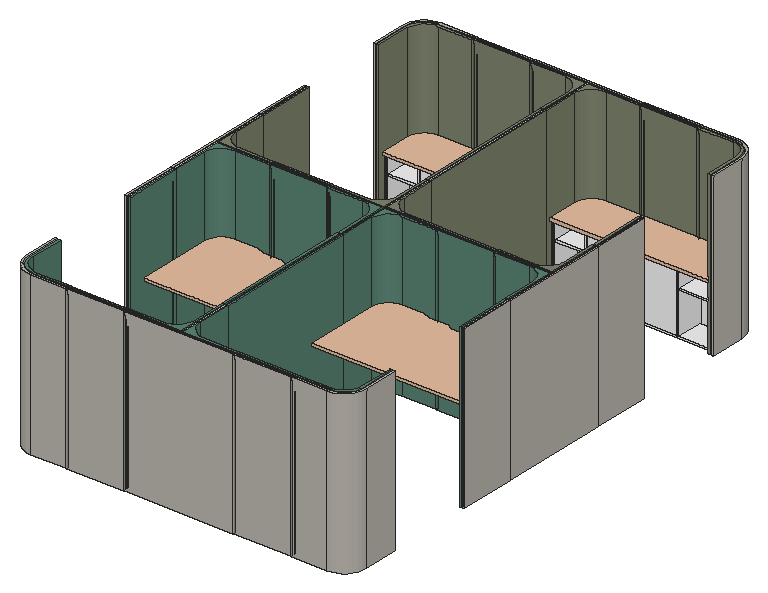
Revit family "NBS_Senator_MeetingPods_QuadAbode", category Furniture, Revit 2018
Family settings
  Work Plane-Based = No
  Always vertical = Yes
  Cut with Voids When Loaded = No
  Shared = No
  Room Calculation Point = No
Parameters (values of type "PDQA14")
  WarrantyStartDate [instance] = "1900-12-31T23:59:59"
  WarrantyGuarantorParts = "contactus@thesenatorgroup.com"
  WarrantyGuarantorLabor = "n/a"
  WarrantyDurationUnit = "year"
  WarrantyDurationParts = "10"
  WarrantyDurationLabor = "n/a"
  WarrantyDescription = "Senator warrants that its manufactured products are free from manufacturing defects - in materials or workmanship - for a period of ten (10) years on Senator Seating ranges; and fifteen (15) years on Senator Desking ranges - exceptions are listed below. Senator will repair or replace (at Senator’s sole discretion) with comparable free of charge materials / components, any product / component, which fails under normal use in a single shift environment, as a result of a defect in the materials and / or workmanship"
  Version = "1"  # constant formula
  Uniclass2015Version = "Products v1.16"
  Uniclass2015Title = "Meeting Pods"
  Uniclass2015Code = "Pr_40_50_12_53"
  TagNumber [instance] = "n/a"
  SustainabilityPerformance = "99% recyclable"
  Style = "Pods"
  StorageUnitMaterial = NBS_Senator_Wood_White
  StorageTableTopMaterial = NBS_Senator_Wood_HighlandOak_2
  Status = "UNSET"
  Size = "4450 x 2950 x 1400 mm"
  ShowStorageUnit [instance] = yes
  Shape = "n/a"
  SerialNumber [instance] = "n/a"
  SeatWidth = "n/a"
  SeatDepth = "n/a"
  Revision = "n/a"
  ReplacementCost = "n/a"
  Reference = "n/a"
  QuadAbodeWidth = 2950 mm  # constant formula
  QuadAbodeHeight = 1400 mm
  QuadAbodeDepth = 4450 mm  # constant formula
  ProductInformation = "n/a"
  NominalWidth = 1400 mm
  NominalLength = 2950 mm
  NominalHeight = 1400 mm
  NominalDepth = 4450 mm
  Name = "MeetingPods_QuadAbode_PDQA14_Senator"
  NBSReference = "45-35-20/342"
  NBSDescription = "Meeting pods"
  NBSCertification = "www.nationalbimlibrary.com/cert/iv3fvtjp"
  ModelReference = "Pods-QuadAbode_PDQA14"
  ModelNumber = "PDQA14"
  Material = "Fabric, metal, plastic"
  ManufacturerURL = "www.senator.co.uk"
  ManufacturerName = "The Senator Group"  # constant formula
  Manufacturer = "sales@senator.co.uk"
  MainColor = "n/a"
  IsBuiltIn = no
  InstallationDate [instance] = "1900-12-31T23:59:59"
  InnerPanelMaterial2 = NBS_Senator_VirginWool_Montcrest
  InnerPanelMaterial1 = NBS_Senator_VirginWool_Lancaster
  OuterPanelMaterial = NBS_Senator_VirginWool_Fairfield
  KeyHoleMaterial = NBS_Senator_Polished_Aluminium
  IfcExportType = "USERDEFINED"  # constant formula
  IfcExportAs = "IfcFurnitureType"  # constant formula
  Grade = "n/a"
  FramesColour = "Black, white"
  FrameMaterial = NBS_Senator_Aluminium_Rigid_Siver
  TableTopMaterial = NBS_Senator_Wood_HighlandOak_2
  FinishOptions = "Carini walnut, mocha, autumn, strata oak, maple, highland oak, beech, winter oak, hacienda white, white, light grey, denim, clay, lemon sorbet"
  Finish = "Outer vertical panels upholstered in camira, blazer fabric Two tone is standard"
  Features = "Internal frame with multi-layered acoustic foam, levelling adjusters, blazer fabric, outer vertical panels"
  FabricFinishOptions = "Plymouth, fairfield, latymer, lancaster, silcoates, silverdale, st andrews, trevelyan, ulster, wellington, wesley, manchester,"
  ExpectedLife = "10"
  DurationUnit = "year"
  Description = "Four single person workspaces adjoined by shared panels, comprising twentyone mid height upholstered panels"
  Constituents = "n/a"
  Color = "n/a"
  CodePerformance = "n/a"
  Category = "Pr_40_50_12_53:Meeting pods"
  BarCode [instance] = "n/a"
  BIMObjectName = "NBS_Senator_MeetingPods_QuadAbode_PDQA14"
  Author = "NBS"  # constant formula
  AssetType = "Fixed"
  AssetIdentifier [instance] = "n/a"
  Accessories = "Monitor arms, PU desk accessories, desk top accessories, CPU holders, electrical accessories, coat hanger, name plate, A2 dry wipe board with hanger, A3 dry wipe board with hanger"
  AccessibilityPerformance = "n/a"
Reference planes
  plane 1 "Center (Front/Back)": y = 0
  plane 2: z = 0
  plane 3 "Center (Left/Right)": x = 0
  plane 4 "Back": y = 2225
  plane 5 "Front": y = -2225
  plane 6 "Left": x = -1475
  plane 7 "Right": x = 1475
  plane 8 "Top": z = 1400
  plane 9: x = -1425
  plane 10: x = 1425
  plane 11: x = 25
  plane 12: x = -25
  plane 13: y = 2175
  plane 14: y = 25
  plane 15: y = -25
  plane 16: y = -2175
  plane 17: x = -1455
  plane 18: x = -1445
  plane 19: x = 1445
  plane 20: x = 1455
  plane 21: x = -5
  plane 22: x = 5
  plane 23: y = 2205
  plane 24: y = 2195
  plane 25: y = 5
  plane 26: y = -5
  plane 27: y = -2195
  plane 28: y = -2205
  plane 29: z = 8.16
  plane 30: z = 717.5
Forms (mm)
  Extrusion 1, solid, material "NBS_Senator_VirginWool_Fairfield" <- "OuterPanelMaterial", detail levels fine
    sketch origin (0, 0, 0) x (1, 0, 0) y (0, 1, 0)
      loop
        arc (-1280, 2225) -> (-1417.886, 2167.886) -> (-1475, 2030) r 195
        line (-1475, 2030) -> (-1475, 1726.607)
        arc (-1475, 1726.607) -> (-1465, 1721.416) -> (-1455, 1726.607) r 12.228
        line (-1455, 1726.607) -> (-1455, 2030)
        arc (-1455, 2030) -> (-1403.744, 2153.744) -> (-1280, 2205) r 175
        line (-1280, 2205) -> (-977.899, 2205)
        arc (-977.899, 2205) -> (-972.876, 2215) -> (-977.899, 2225) r 12.465
        line (-977.899, 2225) -> (-1280, 2225)
      loop
        arc (-1475, -966.949) -> (-1465, -972.349) -> (-1455, -966.949) r 11.96
        line (-1455, -966.949) -> (-1455, -480.65)
        arc (-1455, -480.65) -> (-1465, -475.599) -> (-1475, -480.65) r 12.425
        line (-1475, -480.65) -> (-1475, -966.949)
      loop
        arc (1475, 2030) -> (1417.886, 2167.886) -> (1280, 2225) r 195
        line (1280, 2225) -> (977.899, 2225)
        arc (977.899, 2225) -> (972.876, 2215) -> (977.899, 2205) r 12.465
        line (977.899, 2205) -> (1280, 2205)
        arc (1280, 2205) -> (1403.744, 2153.744) -> (1455, 2030) r 175
        line (1455, 2030) -> (1455, 1726.607)
        arc (1455, 1726.607) -> (1465, 1721.596) -> (1475, 1726.607) r 12.483
        line (1475, 1726.607) -> (1475, 2030)
      loop
        line (1455, 966.949) -> (1455, 480.65)
        arc (1455, 480.65) -> (1465, 475.599) -> (1475, 480.65) r 12.425
        line (1475, 480.65) -> (1475, 966.949)
        arc (1475, 966.949) -> (1465, 972) -> (1455, 966.949) r 12.425
      loop
        arc (-966.899, 2225) -> (-971.953, 2215) -> (-966.899, 2205) r 12.42
        line (-966.899, 2205) -> (-480.599, 2205)
        arc (-480.599, 2205) -> (-475.599, 2215) -> (-480.599, 2225) r 12.499
        line (-480.599, 2225) -> (-966.899, 2225)
      loop
        line (-469.7, 2205) -> (469.599, 2205)
        arc (469.599, 2205) -> (474.659, 2215) -> (469.599, 2225) r 12.412
        line (469.599, 2225) -> (-469.7, 2225)
        arc (-469.7, 2225) -> (-474.721, 2215) -> (-469.7, 2205) r 12.469
      loop
        line (480.599, 2205) -> (966.899, 2205)
        arc (966.899, 2205) -> (971.908, 2215) -> (966.899, 2225) r 12.486
        line (966.899, 2225) -> (480.599, 2225)
        arc (480.599, 2225) -> (475.586, 2215) -> (480.599, 2205) r 12.481
      loop
        arc (1475, 469.65) -> (1465, 474.7) -> (1455, 469.65) r 12.425
        line (1455, 469.65) -> (1455, -469.65)
        arc (1455, -469.65) -> (1465, -474.701) -> (1475, -469.65) r 12.425
        line (1475, -469.65) -> (1475, 469.65)
      loop
        line (-1455, 480.65) -> (-1455, 966.949)
        arc (-1455, 966.949) -> (-1465, 972) -> (-1475, 966.949) r 12.425
        line (-1475, 966.949) -> (-1475, 480.65)
        arc (-1475, 480.65) -> (-1465, 475.599) -> (-1455, 480.65) r 12.425
      loop
        arc (-1455, 469.65) -> (-1465, 474.7) -> (-1475, 469.65) r 12.425
        line (-1475, 469.65) -> (-1475, -469.65)
        arc (-1475, -469.65) -> (-1465, -474.701) -> (-1455, -469.65) r 12.425
        line (-1455, -469.65) -> (-1455, 469.65)
      loop
        line (1455, -480.65) -> (1455, -966.949)
        arc (1455, -966.949) -> (1465, -972) -> (1475, -966.949) r 12.425
        line (1475, -966.949) -> (1475, -480.65)
        arc (1475, -480.65) -> (1465, -475.599) -> (1455, -480.65) r 12.425
      loop
        line (-1280, -2225) -> (-977.899, -2225)
        arc (-977.899, -2225) -> (-972.876, -2215) -> (-977.899, -2205) r 12.465
        line (-977.899, -2205) -> (-1280, -2205)
        arc (-1280, -2205) -> (-1403.744, -2153.744) -> (-1455, -2030) r 175
        line (-1455, -2030) -> (-1455, -1726.607)
        arc (-1455, -1726.607) -> (-1465, -1721.416) -> (-1475, -1726.607) r 12.228
        line (-1475, -1726.607) -> (-1475, -2030)
        arc (-1475, -2030) -> (-1417.886, -2167.886) -> (-1280, -2225) r 195
      loop
        line (1475, -2030) -> (1475, -1726.607)
        arc (1475, -1726.607) -> (1465, -1721.596) -> (1455, -1726.607) r 12.483
        line (1455, -1726.607) -> (1455, -2030)
        arc (1455, -2030) -> (1403.744, -2153.744) -> (1280, -2205) r 175
        line (1280, -2205) -> (977.899, -2205)
        arc (977.899, -2205) -> (972.876, -2215) -> (977.899, -2225) r 12.465
        line (977.899, -2225) -> (1280, -2225)
        arc (1280, -2225) -> (1417.886, -2167.886) -> (1475, -2030) r 195
      loop
        line (-966.899, -2225) -> (-480.599, -2225)
        arc (-480.599, -2225) -> (-475.599, -2215) -> (-480.599, -2205) r 12.499
        line (-480.599, -2205) -> (-966.899, -2205)
        arc (-966.899, -2205) -> (-971.953, -2215) -> (-966.899, -2225) r 12.42
      loop
        arc (-469.7, -2205) -> (-474.721, -2215) -> (-469.7, -2225) r 12.469
        line (-469.7, -2225) -> (469.599, -2225)
        arc (469.599, -2225) -> (474.659, -2215) -> (469.599, -2205) r 12.412
        line (469.599, -2205) -> (-469.7, -2205)
      loop
        arc (480.599, -2205) -> (475.586, -2215) -> (480.599, -2225) r 12.481
        line (480.599, -2225) -> (966.899, -2225)
        arc (966.899, -2225) -> (971.908, -2215) -> (966.899, -2205) r 12.486
        line (966.899, -2205) -> (480.599, -2205)
    from 8.16 to 1400
  Extrusion 2, solid, material "NBS_Senator_VirginWool_Lancaster" <- "InnerPanelMaterial1", detail levels fine
    sketch origin (0, 0, 0) x (1, 0, 0) y (0, 1, 0)
      loop
        arc (-1280, 2195) -> (-1396.673, 2146.673) -> (-1445, 2030) r 165
        line (-1445, 2030) -> (-1445, 1726.607)
        arc (-1445, 1726.607) -> (-1435, 1721.416) -> (-1425, 1726.607) r 12.228
        line (-1425, 1726.607) -> (-1425, 2025)
        arc (-1425, 2025) -> (-1381.066, 2131.066) -> (-1275, 2175) r 150
        line (-1275, 2175) -> (-977.899, 2175)
        arc (-977.899, 2175) -> (-972.876, 2185) -> (-977.899, 2195) r 12.466
        line (-977.899, 2195) -> (-1280, 2195)
      loop
        line (-1445, 5) -> (-976.114, 5)
        arc (-976.114, 5) -> (-971.114, 15) -> (-976.114, 25) r 12.5
        line (-976.114, 25) -> (-1275, 25)
        arc (-1275, 25) -> (-1381.066, 68.934) -> (-1425, 175) r 150
        line (-1425, 175) -> (-1425, 469.65)
        arc (-1425, 469.65) -> (-1435, 474.7) -> (-1445, 469.65) r 12.425
        line (-1445, 469.65) -> (-1445, 5)
      loop
        line (1445, 5) -> (1445, 469.65)
        arc (1445, 469.65) -> (1435, 474.7) -> (1425, 469.65) r 12.425
        line (1425, 469.65) -> (1425, 175)
        arc (1425, 175) -> (1381.066, 68.934) -> (1275, 25) r 150
        line (1275, 25) -> (976.114, 25)
        arc (976.114, 25) -> (971.114, 15) -> (976.114, 5) r 12.5
        line (976.114, 5) -> (1445, 5)
      loop
        arc (1445, 2030) -> (1396.673, 2146.673) -> (1280, 2195) r 165
        line (1280, 2195) -> (977.899, 2195)
        arc (977.899, 2195) -> (972.876, 2185) -> (977.899, 2175) r 12.466
        line (977.899, 2175) -> (1275, 2175)
        arc (1275, 2175) -> (1381.066, 2131.066) -> (1425, 2025) r 150
        line (1425, 2025) -> (1425, 1726.607)
        arc (1425, 1726.607) -> (1435, 1721.605) -> (1445, 1726.607) r 12.497
        line (1445, 1726.607) -> (1445, 2030)
      loop
        arc (25, 2025) -> (68.934, 2131.066) -> (175, 2175) r 150
        line (175, 2175) -> (469.599, 2175)
        arc (469.599, 2175) -> (474.62, 2185) -> (469.599, 2195) r 12.47
        line (469.599, 2195) -> (5, 2195) -> (5, 1727.949)
        arc (5, 1727.949) -> (15, 1722.949) -> (25, 1727.949) r 12.5
        line (25, 1727.949) -> (25, 2025)
      loop
        line (-5, 2195) -> (-469.7, 2195)
        arc (-469.7, 2195) -> (-474.736, 2185) -> (-469.7, 2175) r 12.446
        line (-469.7, 2175) -> (-175, 2175)
        arc (-175, 2175) -> (-68.934, 2131.066) -> (-25, 2025) r 150
        line (-25, 2025) -> (-25, 1728.069)
        arc (-25, 1728.069) -> (-15, 1722.949) -> (-5, 1728.069) r 12.326
        line (-5, 1728.069) -> (-5, 2195)
      loop
        line (-175, 25) -> (-467.815, 25)
        arc (-467.815, 25) -> (-472.815, 15) -> (-467.815, 5) r 12.501
        line (-467.815, 5) -> (-5, 5) -> (-5, 469.528)
        arc (-5, 469.528) -> (-15, 474.702) -> (-25, 469.528) r 12.251
        line (-25, 469.528) -> (-25, 175)
        arc (-25, 175) -> (-68.934, 68.934) -> (-175, 25) r 150
      loop
        arc (175, 25) -> (68.934, 68.934) -> (25, 175) r 150
        line (25, 175) -> (25, 469.529)
        arc (25, 469.529) -> (15, 474.649) -> (5, 469.529) r 12.325
        line (5, 469.529) -> (5, 5) -> (467.815, 5)
        arc (467.815, 5) -> (472.815, 15) -> (467.815, 25) r 12.501
        line (467.815, 25) -> (175, 25)
      loop
        line (1425, 966.949) -> (1425, 480.65)
        arc (1425, 480.65) -> (1435, 475.599) -> (1445, 480.65) r 12.425
        line (1445, 480.65) -> (1445, 966.949)
        arc (1445, 966.949) -> (1435, 972) -> (1425, 966.949) r 12.425
      loop
        line (-966.899, 2175) -> (-480.599, 2175)
        arc (-480.599, 2175) -> (-475.412, 2185) -> (-480.599, 2195) r 12.232
        line (-480.599, 2195) -> (-966.899, 2195)
        arc (-966.899, 2195) -> (-972.082, 2185) -> (-966.899, 2175) r 12.239
      loop
        arc (480.599, 2195) -> (475.579, 2185) -> (480.599, 2175) r 12.469
        line (480.599, 2175) -> (966.899, 2175)
        arc (966.899, 2175) -> (971.919, 2185) -> (966.899, 2195) r 12.469
        line (966.899, 2195) -> (480.599, 2195)
      loop
        arc (25, 1716.829) -> (15, 1721.949) -> (5, 1716.829) r 12.325
        line (5, 1716.829) -> (5, 480.77)
        arc (5, 480.77) -> (15, 475.65) -> (25, 480.77) r 12.325
        line (25, 480.77) -> (25, 1716.829)
      loop
        arc (-5, 1716.829) -> (-15, 1721.949) -> (-25, 1716.829) r 12.325
        line (-25, 1716.829) -> (-25, 480.649)
        arc (-25, 480.649) -> (-15, 475.65) -> (-5, 480.649) r 12.501
        line (-5, 480.649) -> (-5, 1716.829)
      loop
        arc (-478.815, 5) -> (-473.815, 15) -> (-478.815, 25) r 12.499
        line (-478.815, 25) -> (-965.114, 25)
        arc (-965.114, 25) -> (-970.114, 15) -> (-965.114, 5) r 12.5
        line (-965.114, 5) -> (-478.815, 5)
      loop
        line (-1425, 480.65) -> (-1425, 966.949)
        arc (-1425, 966.949) -> (-1435, 972) -> (-1445, 966.949) r 12.425
        line (-1445, 966.949) -> (-1445, 480.65)
        arc (-1445, 480.65) -> (-1435, 475.599) -> (-1425, 480.65) r 12.425
      loop
        line (479.056, 5) -> (964.873, 5)
        arc (964.873, 5) -> (970.114, 15) -> (964.873, 25) r 12.16
        line (964.873, 25) -> (479.056, 25)
        arc (479.056, 25) -> (473.815, 15) -> (479.056, 5) r 12.16
    from 8.16 to 1400
  Extrusion 3, solid, material "NBS_Senator_VirginWool_Montcrest" <- "InnerPanelMaterial2", detail levels fine
    sketch origin (0, 0, 0) x (1, 0, 0) y (0, 1, 0)
      loop
        line (-1445, -5) -> (-1445, -469.65)
        arc (-1445, -469.65) -> (-1435, -474.7) -> (-1425, -469.65) r 12.425
        line (-1425, -469.65) -> (-1425, -175)
        arc (-1425, -175) -> (-1381.066, -68.934) -> (-1275, -25) r 150
        line (-1275, -25) -> (-976.033, -25)
        arc (-976.033, -25) -> (-971.114, -15) -> (-976.033, -5) r 12.625
        line (-976.033, -5) -> (-1445, -5)
      loop
        arc (-1445, -2030) -> (-1396.673, -2146.673) -> (-1280, -2195) r 165
        line (-1280, -2195) -> (-977.899, -2195)
        arc (-977.899, -2195) -> (-972.876, -2185) -> (-977.899, -2175) r 12.466
        line (-977.899, -2175) -> (-1275, -2175)
        arc (-1275, -2175) -> (-1381.066, -2131.066) -> (-1425, -2025) r 150
        line (-1425, -2025) -> (-1425, -1726.607)
        arc (-1425, -1726.607) -> (-1435, -1721.416) -> (-1445, -1726.607) r 12.228
        line (-1445, -1726.607) -> (-1445, -2030)
      loop
        arc (1280, -2195) -> (1396.673, -2146.673) -> (1445, -2030) r 165
        line (1445, -2030) -> (1445, -1726.607)
        arc (1445, -1726.607) -> (1435, -1721.277) -> (1425, -1726.607) r 12.046
        line (1425, -1726.607) -> (1425, -2025)
        arc (1425, -2025) -> (1381.066, -2131.066) -> (1275, -2175) r 150
        line (1275, -2175) -> (977.899, -2175)
        arc (977.899, -2175) -> (972.876, -2185) -> (977.899, -2195) r 12.466
        line (977.899, -2195) -> (1280, -2195)
      loop
        line (1445, -5) -> (976.033, -5)
        arc (976.033, -5) -> (971.114, -15) -> (976.033, -25) r 12.625
        line (976.033, -25) -> (1275, -25)
        arc (1275, -25) -> (1381.066, -68.934) -> (1425, -175) r 150
        line (1425, -175) -> (1425, -469.65)
        arc (1425, -469.65) -> (1435, -474.7) -> (1445, -469.65) r 12.425
        line (1445, -469.65) -> (1445, -5)
      loop
        line (-175, -2175) -> (-469.7, -2175)
        arc (-469.7, -2175) -> (-474.72, -2185) -> (-469.7, -2195) r 12.47
        line (-469.7, -2195) -> (-5, -2195) -> (-5, -1728.07)
        arc (-5, -1728.07) -> (-15, -1722.949) -> (-25, -1728.07) r 12.324
        line (-25, -1728.07) -> (-25, -2025)
        arc (-25, -2025) -> (-68.934, -2131.066) -> (-175, -2175) r 150
      loop
        line (-25, -175) -> (-25, -469.529)
        arc (-25, -469.529) -> (-15, -474.65) -> (-5, -469.529) r 12.324
        line (-5, -469.529) -> (-5, -5) -> (-467.814, -5)
        arc (-467.814, -5) -> (-472.815, -15) -> (-467.814, -25) r 12.499
        line (-467.814, -25) -> (-175, -25)
        arc (-175, -25) -> (-68.934, -68.934) -> (-25, -175) r 150
      loop
        line (175, -25) -> (467.814, -25)
        arc (467.814, -25) -> (472.815, -15) -> (467.814, -5) r 12.499
        line (467.814, -5) -> (5, -5) -> (5, -469.732)
        arc (5, -469.732) -> (15, -474.65) -> (25, -469.732) r 12.625
        line (25, -469.732) -> (25, -175)
        arc (25, -175) -> (68.934, -68.934) -> (175, -25) r 150
      loop
        line (25, -2025) -> (25, -1727.828)
        arc (25, -1727.828) -> (15, -1722.949) -> (5, -1727.828) r 12.688
        line (5, -1727.828) -> (5, -2195) -> (469.599, -2195)
        arc (469.599, -2195) -> (474.62, -2185) -> (469.599, -2175) r 12.469
        line (469.599, -2175) -> (175, -2175)
        arc (175, -2175) -> (68.934, -2131.066) -> (25, -2025) r 150
      loop
        line (-1425, -966.949) -> (-1425, -480.65)
        arc (-1425, -480.65) -> (-1435, -475.599) -> (-1445, -480.65) r 12.425
        line (-1445, -480.65) -> (-1445, -966.949)
        arc (-1445, -966.949) -> (-1435, -972) -> (-1425, -966.949) r 12.425
      loop
        line (-965.114, -25) -> (-478.815, -25)
        arc (-478.815, -25) -> (-473.815, -15) -> (-478.815, -5) r 12.499
        line (-478.815, -5) -> (-965.114, -5)
        arc (-965.114, -5) -> (-970.114, -15) -> (-965.114, -25) r 12.499
      loop
        line (478.815, -25) -> (965.114, -25)
        arc (965.114, -25) -> (970.114, -15) -> (965.114, -5) r 12.499
        line (965.114, -5) -> (478.815, -5)
        arc (478.815, -5) -> (473.815, -15) -> (478.815, -25) r 12.499
      loop
        arc (1445, -480.65) -> (1435, -475.599) -> (1425, -480.65) r 12.425
        line (1425, -480.65) -> (1425, -966.949)
        arc (1425, -966.949) -> (1435, -972) -> (1445, -966.949) r 12.425
        line (1445, -966.949) -> (1445, -480.65)
      loop
        line (966.899, -2175) -> (480.6, -2175)
        arc (480.6, -2175) -> (475.579, -2185) -> (480.6, -2195) r 12.469
        line (480.6, -2195) -> (966.899, -2195)
        arc (966.899, -2195) -> (971.92, -2185) -> (966.899, -2175) r 12.469
      loop
        arc (-480.6, -2195) -> (-475.579, -2185) -> (-480.6, -2175) r 12.469
        line (-480.6, -2175) -> (-966.899, -2175)
        arc (-966.899, -2175) -> (-971.92, -2185) -> (-966.899, -2195) r 12.469
        line (-966.899, -2195) -> (-480.6, -2195)
      loop
        line (25, -1716.829) -> (25, -480.771)
        arc (25, -480.771) -> (15, -475.65) -> (5, -480.771) r 12.324
        line (5, -480.771) -> (5, -1716.829)
        arc (5, -1716.829) -> (15, -1721.949) -> (25, -1716.829) r 12.325
      loop
        line (-5, -1716.949) -> (-5, -480.77)
        arc (-5, -480.77) -> (-15, -475.65) -> (-25, -480.77) r 12.325
        line (-25, -480.77) -> (-25, -1716.949)
        arc (-25, -1716.949) -> (-15, -1721.949) -> (-5, -1716.949) r 12.5
    from 8.16 to 1400
  Extrusion 4, solid, material "NBS_Senator_Aluminium_Rigid_Siver" <- "FrameMaterial", detail levels fine
    sketch origin (0, 0, 0) x (1, 0, 0) y (0, 1, 0)
      loop
        line (-998.352, 2205) -> (-998.352, 2195) -> (-480.599, 2195)
        arc (-480.599, 2195) -> (-476.69, 2200) -> (-480.599, 2205) r 5.152
        line (-480.599, 2205) -> (-998.352, 2205)
      loop
        line (997.972, -2205) -> (997.972, -2195) -> (480.6, -2195)
        arc (480.6, -2195) -> (475.6, -2200) -> (480.6, -2205) r 5
        line (480.6, -2205) -> (997.972, -2205)
      loop
        line (-5, -2195) -> (-469.7, -2195)
        arc (-469.7, -2195) -> (-474.7, -2200) -> (-469.7, -2205) r 5
        line (-469.7, -2205) -> (469.681, -2205)
        arc (469.681, -2205) -> (474.681, -2200) -> (469.681, -2195) r 5
        line (469.681, -2195) -> (5, -2195) -> (5, -1728.07)
        arc (5, -1728.07) -> (0, -1723.07) -> (-5, -1728.07) r 5
        line (-5, -1728.07) -> (-5, -2195)
      loop
        line (5, 2195) -> (470.121, 2195)
        arc (470.121, 2195) -> (475.121, 2200) -> (470.121, 2205) r 5
        line (470.121, 2205) -> (-470.222, 2205)
        arc (-470.222, 2205) -> (-474.164, 2200) -> (-470.222, 2195) r 5.142
        line (-470.222, 2195) -> (-5, 2195) -> (-5, 1728.069)
        arc (-5, 1728.069) -> (0, 1723.069) -> (5, 1728.069) r 5
        line (5, 1728.069) -> (5, 2195)
      loop
        line (-1445, 5) -> (-1445, 469.65)
        arc (-1445, 469.65) -> (-1450, 474.65) -> (-1455, 469.65) r 5
        line (-1455, 469.65) -> (-1455, -469.65)
        arc (-1455, -469.65) -> (-1450, -474.65) -> (-1445, -469.65) r 5
        line (-1445, -469.65) -> (-1445, -5) -> (-976.114, -5)
        arc (-976.114, -5) -> (-971.114, 0) -> (-976.114, 5) r 5
        line (-976.114, 5) -> (-1445, 5)
      loop
        line (1445, -5) -> (1445, -469.65)
        arc (1445, -469.65) -> (1450, -474.65) -> (1455, -469.65) r 5
        line (1455, -469.65) -> (1455, 469.65)
        arc (1455, 469.65) -> (1450, 474.65) -> (1445, 469.65) r 5
        line (1445, 469.65) -> (1445, 5) -> (976.114, 5)
        arc (976.114, 5) -> (971.114, 0) -> (976.114, -5) r 5
        line (976.114, -5) -> (1445, -5)
      loop
        line (1445, 964.054) -> (1445, 480.65)
        arc (1445, 480.65) -> (1450, 475.65) -> (1455, 480.65) r 5
        line (1455, 480.65) -> (1455, 964.054)
        arc (1455, 964.054) -> (1450, 968.032) -> (1445, 964.054) r 5.131
      loop
        arc (-1455, -962.825) -> (-1450, -967.825) -> (-1445, -962.825) r 5
        line (-1445, -962.825) -> (-1445, -480.65)
        arc (-1445, -480.65) -> (-1450, -475.65) -> (-1455, -480.65) r 5
        line (-1455, -480.65) -> (-1455, -962.825)
      loop
        line (480.078, 2195) -> (997.972, 2195) -> (997.972, 2205) -> (480.078, 2205)
        arc (480.078, 2205) -> (476.016, 2200) -> (480.078, 2195) r 5.109
      loop
        arc (-1445, 961.928) -> (-1450, 966.928) -> (-1455, 961.928) r 5
        line (-1455, 961.928) -> (-1455, 480.65)
        arc (-1455, 480.65) -> (-1450, 475.65) -> (-1445, 480.65) r 5
        line (-1445, 480.65) -> (-1445, 961.928)
      loop
        line (-5, 1716.829) -> (-5, 480.649)
        arc (-5, 480.649) -> (0, 475.649) -> (5, 480.649) r 5
        line (5, 480.649) -> (5, 1716.829)
        arc (5, 1716.829) -> (0, 1721.829) -> (-5, 1716.829) r 5
      loop
        line (-5, 469.528) -> (-5, 5) -> (-467.815, 5)
        arc (-467.815, 5) -> (-472.815, 0) -> (-467.815, -5) r 5
        line (-467.815, -5) -> (-5, -5) -> (-5, -469.529)
        arc (-5, -469.529) -> (0, -474.529) -> (5, -469.529) r 5
        line (5, -469.529) -> (5, -5) -> (467.815, -5)
        arc (467.815, -5) -> (472.815, 0) -> (467.815, 5) r 5
        line (467.815, 5) -> (5, 5) -> (5, 469.528)
        arc (5, 469.528) -> (0, 474.528) -> (-5, 469.528) r 5
      loop
        arc (479.056, 5) -> (474.056, 0) -> (479.056, -5) r 5
        line (479.056, -5) -> (964.873, -5)
        arc (964.873, -5) -> (969.873, 0) -> (964.873, 5) r 5
        line (964.873, 5) -> (479.056, 5)
      loop
        line (1445, -480.65) -> (1445, -964.054)
        arc (1445, -964.054) -> (1450, -967.423) -> (1455, -964.054) r 5.395
        line (1455, -964.054) -> (1455, -480.65)
        arc (1455, -480.65) -> (1450, -475.65) -> (1445, -480.65) r 5
      loop
        line (-478.815, 5) -> (-965.114, 5)
        arc (-965.114, 5) -> (-970.114, 0) -> (-965.114, -5) r 5
        line (-965.114, -5) -> (-478.815, -5)
        arc (-478.815, -5) -> (-473.815, 0) -> (-478.815, 5) r 5
      loop
        line (-998.002, -2195) -> (-998.002, -2205) -> (-480.6, -2205)
        arc (-480.6, -2205) -> (-476.887, -2200) -> (-480.6, -2195) r 5.223
        line (-480.6, -2195) -> (-998.002, -2195)
      loop
        arc (-5, -1716.949) -> (0, -1721.949) -> (5, -1716.949) r 5
        line (5, -1716.949) -> (5, -480.128)
        arc (5, -480.128) -> (0, -475.128) -> (-5, -480.128) r 5
        line (-5, -480.128) -> (-5, -1716.949)
    from 8.16 to 1400
  Extrusion 5, solid, material "NBS_Senator_VirginWool_Fairfield" <- "OuterPanelMaterial", detail levels coarse+medium
    sketch origin (0, 0, 0) x (1, 0, 0) y (0, 1, 0)
      loop
        arc (-1287.5, 2227.5) -> (-1421.85, 2171.85) -> (-1477.5, 2037.5) r 190
        line (-1477.5, 2037.5) -> (-1477.5, 1735.72)
        arc (-1477.5, 1735.72) -> (-1450, 1708.22) -> (-1422.5, 1735.72) r 27.5
        line (-1422.5, 1735.72) -> (-1422.5, 2017.5)
        arc (-1422.5, 2017.5) -> (-1377.102, 2127.102) -> (-1267.5, 2172.5) r 155
        line (-1267.5, 2172.5) -> (-182.5, 2172.5)
        arc (-182.5, 2172.5) -> (-72.898, 2127.102) -> (-27.5, 2017.5) r 155
        line (-27.5, 2017.5) -> (-27.5, 182.5)
        arc (-27.5, 182.5) -> (-72.898, 72.898) -> (-182.5, 27.5) r 155
        line (-182.5, 27.5) -> (-1267.5, 27.5)
        arc (-1267.5, 27.5) -> (-1377.102, 72.898) -> (-1422.5, 182.5) r 155
        line (-1422.5, 182.5) -> (-1422.5, 960.198)
        arc (-1422.5, 960.198) -> (-1450, 987.698) -> (-1477.5, 960.198) r 27.5
        line (-1477.5, 960.198) -> (-1477.5, -961.142)
        arc (-1477.5, -961.142) -> (-1450, -988.642) -> (-1422.5, -961.142) r 27.5
        line (-1422.5, -961.142) -> (-1422.5, -182.5)
        arc (-1422.5, -182.5) -> (-1377.102, -72.898) -> (-1267.5, -27.5) r 155
        line (-1267.5, -27.5) -> (-182.5, -27.5)
        arc (-182.5, -27.5) -> (-72.898, -72.898) -> (-27.5, -182.5) r 155
        line (-27.5, -182.5) -> (-27.5, -2017.5)
        arc (-27.5, -2017.5) -> (-72.898, -2127.102) -> (-182.5, -2172.5) r 155
        line (-182.5, -2172.5) -> (-1267.5, -2172.5)
        arc (-1267.5, -2172.5) -> (-1377.102, -2127.102) -> (-1422.5, -2017.5) r 155
        line (-1422.5, -2017.5) -> (-1422.5, -1729.107)
        arc (-1422.5, -1729.107) -> (-1450, -1701.607) -> (-1477.5, -1729.107) r 27.5
        line (-1477.5, -1729.107) -> (-1477.5, -2027.5)
        arc (-1477.5, -2027.5) -> (-1418.921, -2168.921) -> (-1277.5, -2227.5) r 200
        line (-1277.5, -2227.5) -> (1277.5, -2227.5)
        arc (1277.5, -2227.5) -> (1418.921, -2168.921) -> (1477.5, -2027.5) r 200
        line (1477.5, -2027.5) -> (1477.5, -1727.976)
        arc (1477.5, -1727.976) -> (1450, -1700.476) -> (1422.5, -1727.976) r 27.5
        line (1422.5, -1727.976) -> (1422.5, -2017.5)
        arc (1422.5, -2017.5) -> (1377.102, -2127.102) -> (1267.5, -2172.5) r 155
        line (1267.5, -2172.5) -> (182.5, -2172.5)
        arc (182.5, -2172.5) -> (72.898, -2127.102) -> (27.5, -2017.5) r 155
        line (27.5, -2017.5) -> (27.5, -182.5)
        arc (27.5, -182.5) -> (72.898, -72.898) -> (182.5, -27.5) r 155
        line (182.5, -27.5) -> (1267.5, -27.5)
        arc (1267.5, -27.5) -> (1377.102, -72.898) -> (1422.5, -182.5) r 155
        line (1422.5, -182.5) -> (1422.5, -960.818)
        arc (1422.5, -960.818) -> (1450, -988.318) -> (1477.5, -960.818) r 27.5
        line (1477.5, -960.818) -> (1477.5, 971.075)
        arc (1477.5, 971.075) -> (1450, 998.575) -> (1422.5, 971.075) r 27.5
        line (1422.5, 971.075) -> (1422.5, 182.5)
        arc (1422.5, 182.5) -> (1377.102, 72.898) -> (1267.5, 27.5) r 155
        line (1267.5, 27.5) -> (182.5, 27.5)
        arc (182.5, 27.5) -> (72.898, 72.898) -> (27.5, 182.5) r 155
        line (27.5, 182.5) -> (27.5, 2017.5)
        arc (27.5, 2017.5) -> (72.898, 2127.102) -> (182.5, 2172.5) r 155
        line (182.5, 2172.5) -> (1267.5, 2172.5)
        arc (1267.5, 2172.5) -> (1377.102, 2127.102) -> (1422.5, 2017.5) r 155
        line (1422.5, 2017.5) -> (1422.5, 1728.841)
        arc (1422.5, 1728.841) -> (1450, 1701.341) -> (1477.5, 1728.841) r 27.5
        line (1477.5, 1728.841) -> (1477.5, 2032.5)
        arc (1477.5, 2032.5) -> (1420.386, 2170.386) -> (1282.5, 2227.5) r 195
        line (1282.5, 2227.5) -> (-1287.5, 2227.5)
    from 8.16 to 1400
Dimensions and locks
  equal spacing: plane 6 "Left", plane 3 "Center (Left/Right)", plane 7 "Right"
  "QuadAbodeWidth": plane 6 "Left" to plane 7 "Right"
  equal spacing: plane 4 "Back", plane 1 "Center (Front/Back)", plane 5 "Front"
  "QuadAbodeDepth": plane 4 "Back" to plane 5 "Front"
  "QuadAbodeHeight": plane 8 "Top" to plane 2
  locked: plane 6 "Left" to plane 9 at 50
  locked: plane 10 to plane 7 "Right" at 50
  equal spacing: plane 12, plane 3 "Center (Left/Right)", plane 11
  locked: plane 12 to plane 11 at 50
  locked: plane 4 "Back" to plane 13 at 50
  locked: plane 16 to plane 5 "Front" at 50
  equal spacing: plane 14, plane 1 "Center (Front/Back)", plane 15
  locked: plane 14 to plane 15 at 50
  locked: plane 4 "Back" to plane 23 at 20
  locked: plane 13 to plane 24 at 20
  locked: plane 6 "Left" to plane 17 at 20
  locked: plane 18 to plane 9 at 20
  locked: plane 14 to plane 25 at 20
  locked: plane 15 to plane 26 at 20
  locked: plane 16 to plane 27 at 20
  locked: plane 5 "Front" to plane 28 at 20
  locked: plane 22 to plane 11 at 20
  locked: plane 12 to plane 21 at 20
  locked: plane 10 to plane 19 at 20
  locked: plane 20 to plane 7 "Right" at 20
  locked: plane 29 to plane 2 at 8.16
  plane 30 to plane 2 = 717.5 mm
  aligned and locked: level to plane 2
  aligned and locked: Extrusion 1 sketch curve to plane 4 "Back"
  aligned and locked: plane 6 "Left" to Extrusion 1 sketch curve
  aligned and locked: Extrusion 1 sketch curve to plane 7 "Right"
  aligned and locked: plane 17 to Extrusion 1 sketch curve
  aligned and locked: Extrusion 1 sketch curve to plane 23
  aligned and locked: Extrusion 1 sketch curve to plane 20
  aligned and locked: Extrusion 1 sketch curve to plane 5 "Front"  (x4)
  aligned and locked: Extrusion 1 sketch curve to plane 6 "Left"
  aligned and locked: plane 7 "Right" to Extrusion 1 sketch curve
  aligned and locked: Extrusion 1 sketch curve to plane 17
  aligned and locked: plane 20 to Extrusion 1 sketch curve
  aligned and locked: plane 28 to Extrusion 1 sketch curve  (x3)
  aligned and locked: Extrusion 1 to plane 8 "Top"
  aligned and locked: Extrusion 1 to plane 29
  aligned and locked: plane 24 to Extrusion 2 sketch curve
  aligned and locked: plane 18 to Extrusion 2 sketch curve
  aligned and locked: plane 9 to Extrusion 2 sketch curve
  aligned and locked: Extrusion 2 sketch curve to plane 13
  aligned and locked: Extrusion 2 sketch curve to plane 19
  aligned and locked: Extrusion 2 sketch curve to plane 10
  aligned and locked: plane 25 to Extrusion 2 sketch curve
  aligned and locked: plane 14 to Extrusion 2 sketch curve
  aligned and locked: Extrusion 2 sketch curve to plane 11
  aligned and locked: Extrusion 2 sketch curve to plane 21
  aligned and locked: Extrusion 2 sketch curve to plane 22
  aligned and locked: Extrusion 2 to plane 8 "Top"
  aligned and locked: Extrusion 2 to plane 29
  aligned and locked: plane 26 to Extrusion 3 sketch curve
  aligned and locked: Extrusion 3 sketch curve to plane 15  (x2)
  aligned and locked: plane 18 to Extrusion 3 sketch curve
  aligned and locked: plane 9 to Extrusion 3 sketch curve
  aligned and locked: plane 27 to Extrusion 3 sketch curve
  aligned and locked: plane 16 to Extrusion 3 sketch curve  (x2)
  aligned and locked: Extrusion 3 sketch curve to plane 19
  aligned and locked: Extrusion 3 sketch curve to plane 10
  aligned and locked: plane 11 to Extrusion 3 sketch curve
  aligned and locked: Extrusion 3 sketch curve to plane 12
  aligned and locked: plane 22 to Extrusion 3 sketch curve
  aligned and locked: plane 21 to Extrusion 3 sketch curve
  aligned and locked: Extrusion 3 to plane 8 "Top"
  aligned and locked: Extrusion 3 to plane 29
  aligned and locked: plane 24 to Extrusion 4 sketch curve
  aligned and locked: plane 27 to Extrusion 4 sketch curve
  aligned and locked: Extrusion 4 sketch curve to plane 28
  aligned and locked: Extrusion 4 sketch curve to plane 22
  aligned and locked: plane 21 to Extrusion 4 sketch curve
  aligned and locked: Extrusion 4 sketch curve to plane 25
  aligned and locked: Extrusion 4 sketch curve to plane 26
  aligned and locked: Extrusion 4 to plane 8 "Top"
  aligned and locked: Extrusion 4 to plane 29
  aligned and locked: nested 3 to plane 14
  aligned and locked: plane 15 to nested 2
  aligned and locked: plane 15 to nested 1
  aligned and locked: Extrusion 5 to plane 8 "Top"
  aligned and locked: Extrusion 5 to plane 29
  aligned and locked: nested 1 to plane 30
  aligned and locked: nested 2 to plane 30
  aligned and locked: nested 3 to plane 30
  aligned and locked: nested 4 to plane 30
  aligned and locked: plane 16 to nested 8
  aligned and locked: plane 16 to nested 7
  aligned and locked: nested 8 to plane 10
  aligned and locked: nested 7 to plane 9
Automatic sketch dimensions
  Extrusion 1 sketch curve to Extrusion 1 sketch curve = 0 mm  (x7)
  Extrusion 1 sketch curve to plane 6 "Left" = 0 mm  (x3)
  Extrusion 1 sketch curve to plane 17 = 0 mm  (x2)
  Extrusion 1 sketch curve to plane 23 = 0 mm  (x3)
  Extrusion 1 sketch curve to plane 4 "Back" = 0 mm  (x4)
  Extrusion 1 sketch curve to plane 5 "Front" = 0 mm
  plane 28 to Extrusion 1 sketch curve = 0 mm
  Extrusion 1 sketch curve to plane 20 = 0 mm  (x3)
  Extrusion 1 sketch curve to plane 7 "Right" = 0 mm  (x3)
  plane 6 "Left" to Extrusion 1 sketch curve = 10 mm  (x8)
  plane 9 to Extrusion 1 sketch curve = 145 mm  (x2)
  plane 5 "Front" to Extrusion 1 sketch curve = 10 mm  (x4)
  Extrusion 1 sketch curve to Extrusion 1 sketch curve = 294.659 mm  (x2)
  Extrusion 1 sketch curve to plane 4 "Back" = 10 mm  (x4)
  Extrusion 1 sketch curve to Extrusion 1 sketch curve = 7.442 mm  (x4)
  Extrusion 1 sketch curve to Extrusion 1 sketch curve = 11 mm  (x16)
  Extrusion 1 sketch curve to Extrusion 1 sketch curve = 7.365 mm  (x2)
  Extrusion 1 sketch curve to plane 12 = 463.098 mm  (x2)
  Extrusion 1 sketch curve to Extrusion 1 sketch curve = 7.499 mm  (x2)
  Extrusion 1 sketch curve to Extrusion 1 sketch curve = 10.899 mm  (x4)
  Extrusion 1 sketch curve to Extrusion 1 sketch curve = 7.449 mm  (x2)
  plane 11 to Extrusion 1 sketch curve = 437.247 mm  (x2)
  Extrusion 1 sketch curve to Extrusion 1 sketch curve = 7.352 mm  (x2)
  Extrusion 1 sketch curve to Extrusion 1 sketch curve = 7.468 mm  (x2)
  Extrusion 1 sketch curve to plane 10 = 465.578 mm  (x2)
  Extrusion 1 sketch curve to Extrusion 1 sketch curve = 7.476 mm  (x2)
  Extrusion 1 sketch curve to plane 10 = 145 mm  (x2)
  Extrusion 1 sketch curve to plane 7 "Right" = 10 mm  (x8)
  Extrusion 1 sketch curve to Extrusion 1 sketch curve = 295.921 mm
  Extrusion 1 sketch curve to Extrusion 1 sketch curve = 296.357 mm
  Extrusion 1 sketch curve to Extrusion 1 sketch curve = 7.472 mm  (x2)
  Extrusion 1 sketch curve to Extrusion 1 sketch curve = 7.037 mm  (x2)
  Extrusion 1 sketch curve to Extrusion 1 sketch curve = 759.658 mm  (x2)
  Extrusion 1 sketch curve to Extrusion 1 sketch curve = 6.56 mm
  Extrusion 1 sketch curve to Extrusion 1 sketch curve = 7.374 mm  (x11)
  Extrusion 1 sketch curve to plane 15 = 463.024 mm  (x2)
  plane 14 to Extrusion 1 sketch curve = 437.276 mm  (x2)
  Extrusion 1 sketch curve to Extrusion 1 sketch curve = 471.551 mm  (x2)
  Extrusion 1 sketch curve to Extrusion 1 sketch curve = 303.393 mm  (x2)
  Extrusion 2 sketch curve to plane 18 = 0 mm  (x2)
  Extrusion 2 sketch curve to plane 9 = 0 mm  (x2)
  Extrusion 2 sketch curve to plane 13 = 0 mm  (x5)
  plane 24 to Extrusion 2 sketch curve = 0 mm  (x5)
  Extrusion 2 sketch curve to plane 19 = 0 mm  (x2)
  Extrusion 2 sketch curve to plane 9 = 10 mm  (x2)
  plane 9 to Extrusion 2 sketch curve = 145 mm
  Extrusion 2 sketch curve to Extrusion 2 sketch curve = 5 mm  (x2)
  plane 9 to Extrusion 2 sketch curve = 150 mm
  plane 13 to Extrusion 2 sketch curve = 10 mm  (x4)
  Extrusion 2 sketch curve to Extrusion 2 sketch curve = 289.658 mm
  Extrusion 2 sketch curve to plane 14 = 10 mm  (x4)
  Extrusion 2 sketch curve to Extrusion 2 sketch curve = 291.386 mm
  Extrusion 2 sketch curve to Extrusion 2 sketch curve = 7.443 mm  (x2)
  Extrusion 2 sketch curve to Extrusion 2 sketch curve = 18.5 mm
  Extrusion 2 sketch curve to Extrusion 2 sketch curve = 11 mm  (x10)
  Extrusion 2 sketch curve to Extrusion 2 sketch curve = 7.056 mm
  Extrusion 2 sketch curve to Extrusion 2 sketch curve = 7.5 mm  (x2)
  Extrusion 2 sketch curve to plane 12 = 462.644 mm
  Extrusion 2 sketch curve to plane 12 = 461.314 mm
  Extrusion 2 sketch curve to Extrusion 2 sketch curve = 7.045 mm
  Extrusion 2 sketch curve to Extrusion 2 sketch curve = 7.499 mm
  Extrusion 2 sketch curve to Extrusion 2 sketch curve = 10.899 mm  (x2)
  Extrusion 2 sketch curve to Extrusion 2 sketch curve = 7.41 mm
  Extrusion 2 sketch curve to Extrusion 2 sketch curve = 7.502 mm  (x2)
  Extrusion 2 sketch curve to Extrusion 2 sketch curve = 150 mm
  Extrusion 2 sketch curve to plane 12 = 150 mm
  plane 12 to Extrusion 2 sketch curve = 10 mm  (x4)
  Extrusion 2 sketch curve to plane 11 = 10 mm  (x4)
  plane 11 to Extrusion 2 sketch curve = 150 mm  (x2)
  Extrusion 2 sketch curve to Extrusion 2 sketch curve = 285.314 mm
  Extrusion 2 sketch curve to Extrusion 2 sketch curve = 287.15 mm
  Extrusion 2 sketch curve to Extrusion 2 sketch curve = 7.449 mm  (x3)
  Extrusion 2 sketch curve to Extrusion 2 sketch curve = 25.661 mm
  Extrusion 2 sketch curve to plane 10 = 467.045 mm
  Extrusion 2 sketch curve to plane 10 = 465.55 mm
  Extrusion 2 sketch curve to Extrusion 2 sketch curve = 25.66 mm
  Extrusion 2 sketch curve to plane 10 = 150 mm  (x2)
  plane 10 to Extrusion 2 sketch curve = 10 mm  (x4)
  Extrusion 2 sketch curve to Extrusion 2 sketch curve = 10 mm  (x4)
  Extrusion 2 sketch curve to Extrusion 2 sketch curve = 287.276 mm  (x2)
  Extrusion 2 sketch curve to Extrusion 2 sketch curve = 287.324 mm
  Extrusion 2 sketch curve to Extrusion 2 sketch curve = 0.126 mm
  Extrusion 2 sketch curve to Extrusion 2 sketch curve = 7.078 mm
  Extrusion 2 sketch curve to Extrusion 2 sketch curve = 11.12 mm  (x3)
  Extrusion 2 sketch curve to Extrusion 2 sketch curve = 18.374 mm  (x2)
  Extrusion 2 sketch curve to Extrusion 2 sketch curve = 7.374 mm  (x5)
  Extrusion 2 sketch curve to Extrusion 2 sketch curve = 7.204 mm  (x2)
  Extrusion 2 sketch curve to Extrusion 2 sketch curve = 18.623 mm
  Extrusion 2 sketch curve to Extrusion 2 sketch curve = 471.551 mm  (x2)
  Extrusion 2 sketch curve to Extrusion 2 sketch curve = 315.375 mm
  Extrusion 2 sketch curve to Extrusion 2 sketch curve = 0 mm  (x2)
  Extrusion 2 sketch curve to Extrusion 2 sketch curve = 298.393 mm  (x2)
  Extrusion 2 sketch curve to Extrusion 2 sketch curve = 7.037 mm
  Extrusion 2 sketch curve to Extrusion 2 sketch curve = 7.495 mm
  Extrusion 2 sketch curve to Extrusion 2 sketch curve = 7.206 mm
  Extrusion 2 sketch curve to Extrusion 2 sketch curve = 6.918 mm
  Extrusion 2 sketch curve to Extrusion 2 sketch curve = 11.121 mm
  Extrusion 2 sketch curve to Extrusion 2 sketch curve = 11.241 mm  (x3)
  Extrusion 2 sketch curve to Extrusion 2 sketch curve = 11.24 mm
  Extrusion 2 sketch curve to plane 14 = 0 mm  (x5)
  Extrusion 2 sketch curve to plane 25 = 0 mm  (x5)
  Extrusion 2 sketch curve to plane 21 = 0 mm  (x2)
  Extrusion 2 sketch curve to plane 12 = 0 mm  (x3)
  Extrusion 2 sketch curve to plane 11 = 0 mm  (x2)
  Extrusion 2 sketch curve to plane 22 = 0 mm  (x2)
  Extrusion 2 sketch curve to plane 10 = 0 mm  (x2)
  Extrusion 3 sketch curve to plane 9 = 10 mm  (x3)
  plane 9 to Extrusion 3 sketch curve = 145 mm
  Extrusion 3 sketch curve to Extrusion 3 sketch curve = 5 mm  (x2)
  plane 9 to Extrusion 3 sketch curve = 150 mm
  Extrusion 3 sketch curve to plane 16 = 10 mm  (x4)
  Extrusion 3 sketch curve to Extrusion 3 sketch curve = 289.658 mm
  plane 15 to Extrusion 3 sketch curve = 10 mm  (x2)
  Extrusion 3 sketch curve to Extrusion 3 sketch curve = 291.261 mm
  Extrusion 3 sketch curve to Extrusion 3 sketch curve = 7.443 mm  (x2)
  Extrusion 3 sketch curve to Extrusion 3 sketch curve = 18.625 mm  (x2)
  Extrusion 3 sketch curve to Extrusion 3 sketch curve = 7.449 mm  (x4)
  Extrusion 3 sketch curve to Extrusion 3 sketch curve = 18.418 mm
  Extrusion 3 sketch curve to plane 12 = 463.049 mm
  Extrusion 3 sketch curve to plane 12 = 461.314 mm
  Extrusion 3 sketch curve to Extrusion 3 sketch curve = 7.499 mm  (x3)
  Extrusion 3 sketch curve to Extrusion 3 sketch curve = 0 mm  (x3)
  Extrusion 3 sketch curve to Extrusion 3 sketch curve = 7.498 mm  (x2)
  Extrusion 3 sketch curve to plane 12 = 150 mm  (x2)
  plane 12 to Extrusion 3 sketch curve = 10 mm  (x4)
  Extrusion 3 sketch curve to plane 11 = 10 mm  (x4)
  plane 11 to Extrusion 3 sketch curve = 150 mm  (x2)
  Extrusion 3 sketch curve to Extrusion 3 sketch curve = 285.316 mm
  Extrusion 3 sketch curve to Extrusion 3 sketch curve = 287.151 mm
  Extrusion 3 sketch curve to Extrusion 3 sketch curve = 18.449 mm  (x2)
  Extrusion 3 sketch curve to Extrusion 3 sketch curve = 18.5 mm
  Extrusion 3 sketch curve to plane 10 = 467.385 mm
  Extrusion 3 sketch curve to plane 10 = 465.55 mm
  Extrusion 3 sketch curve to plane 10 = 150 mm  (x2)
  plane 10 to Extrusion 3 sketch curve = 10 mm  (x3)
  Extrusion 3 sketch curve to Extrusion 3 sketch curve = 10 mm  (x8)
  Extrusion 3 sketch curve to Extrusion 3 sketch curve = 289.364 mm
  Extrusion 3 sketch curve to Extrusion 3 sketch curve = 0.363 mm
  Extrusion 3 sketch curve to Extrusion 3 sketch curve = 291.356 mm
  Extrusion 3 sketch curve to Extrusion 3 sketch curve = 291.676 mm
  Extrusion 3 sketch curve to Extrusion 3 sketch curve = 10.879 mm
  Extrusion 3 sketch curve to Extrusion 3 sketch curve = 18.203 mm
  Extrusion 3 sketch curve to Extrusion 3 sketch curve = 18.621 mm
  Extrusion 3 sketch curve to Extrusion 3 sketch curve = 767.032 mm  (x2)
  Extrusion 3 sketch curve to Extrusion 3 sketch curve = 313.024 mm  (x2)
  Extrusion 3 sketch curve to Extrusion 3 sketch curve = 312.974 mm
  Extrusion 3 sketch curve to Extrusion 3 sketch curve = 0.001 mm  (x2)
  Extrusion 3 sketch curve to Extrusion 3 sketch curve = 7.374 mm  (x4)
  Extrusion 3 sketch curve to Extrusion 3 sketch curve = 18.242 mm
  Extrusion 3 sketch curve to Extrusion 3 sketch curve = 7.203 mm
  Extrusion 3 sketch curve to Extrusion 3 sketch curve = 7.375 mm
  Extrusion 3 sketch curve to Extrusion 3 sketch curve = 18.375 mm
  Extrusion 3 sketch curve to Extrusion 3 sketch curve = 18.746 mm
  Extrusion 3 sketch curve to Extrusion 3 sketch curve = 11 mm  (x5)
  Extrusion 3 sketch curve to Extrusion 3 sketch curve = 10.919 mm  (x2)
  Extrusion 3 sketch curve to Extrusion 3 sketch curve = 10.9 mm
  Extrusion 3 sketch curve to Extrusion 3 sketch curve = 11.001 mm  (x2)
  Extrusion 3 sketch curve to Extrusion 3 sketch curve = 6.717 mm
  Extrusion 3 sketch curve to Extrusion 3 sketch curve = 7.037 mm
  Extrusion 3 sketch curve to Extrusion 3 sketch curve = 10.999 mm
  Extrusion 3 sketch curve to Extrusion 3 sketch curve = 11.241 mm
  Extrusion 3 sketch curve to plane 18 = 0 mm  (x2)
  Extrusion 3 sketch curve to plane 9 = 0 mm  (x2)
  plane 26 to Extrusion 3 sketch curve = 0 mm  (x5)
  Extrusion 3 sketch curve to plane 15 = 0 mm  (x4)
  Extrusion 3 sketch curve to plane 19 = 0 mm  (x2)
  Extrusion 3 sketch curve to plane 10 = 0 mm  (x2)
  Extrusion 3 sketch curve to plane 11 = 0 mm  (x2)
  Extrusion 3 sketch curve to plane 22 = 0 mm  (x2)
  Extrusion 3 sketch curve to Extrusion 3 sketch curve = 11.039 mm
  Extrusion 3 sketch curve to plane 21 = 0 mm  (x2)
  Extrusion 3 sketch curve to plane 12 = 0 mm  (x2)
  Extrusion 3 sketch curve to Extrusion 3 sketch curve = 11.121 mm
  Extrusion 3 sketch curve to Extrusion 3 sketch curve = 7.809 mm
  Extrusion 3 sketch curve to plane 27 = 0 mm  (x5)
  Extrusion 3 sketch curve to plane 16 = 0 mm  (x4)
  Extrusion 4 sketch curve to plane 17 = 0 mm  (x3)
  Extrusion 4 sketch curve to plane 18 = 0 mm  (x4)
  Extrusion 4 sketch curve to plane 23 = 0 mm  (x3)
  Extrusion 4 sketch curve to plane 27 = 0 mm  (x3)
  plane 28 to Extrusion 4 sketch curve = 0 mm  (x2)
  plane 26 to Extrusion 4 sketch curve = 0 mm  (x3)
  plane 1 "Center (Front/Back)" to Extrusion 4 sketch curve = 0 mm  (x3)
  Extrusion 4 sketch curve to plane 25 = 0 mm  (x4)
  plane 24 to Extrusion 4 sketch curve = 0 mm  (x3)
  Extrusion 4 sketch curve to plane 21 = 0 mm  (x5)
  Extrusion 4 sketch curve to plane 3 "Center (Left/Right)" = 0 mm  (x5)
  Extrusion 4 sketch curve to plane 19 = 0 mm  (x4)
  Extrusion 4 sketch curve to plane 20 = 0 mm  (x3)
  plane 9 to Extrusion 4 sketch curve = 426.648 mm
  plane 9 to Extrusion 4 sketch curve = 426.998 mm
  plane 9 to Extrusion 4 sketch curve = 448.886 mm
  Extrusion 4 sketch curve to Extrusion 4 sketch curve = 11 mm  (x6)
  Extrusion 4 sketch curve to plane 27 = 5 mm
  Extrusion 4 sketch curve to plane 12 = 457.11 mm
  Extrusion 4 sketch curve to plane 23 = 5 mm
  Extrusion 4 sketch curve to plane 12 = 456.841 mm
  Extrusion 4 sketch curve to Extrusion 4 sketch curve = 1.51 mm
  Extrusion 4 sketch curve to Extrusion 4 sketch curve = 1.242 mm
  Extrusion 4 sketch curve to plane 12 = 453.815 mm
  Extrusion 4 sketch curve to Extrusion 4 sketch curve = 10.378 mm
  Extrusion 4 sketch curve to Extrusion 4 sketch curve = 0 mm
  Extrusion 4 sketch curve to Extrusion 4 sketch curve = 10.9 mm
  Extrusion 4 sketch curve to Extrusion 4 sketch curve = 1.2 mm
  plane 11 to Extrusion 4 sketch curve = 442.815 mm
  plane 11 to Extrusion 4 sketch curve = 444.681 mm
  plane 11 to Extrusion 4 sketch curve = 445.121 mm
  Extrusion 4 sketch curve to Extrusion 4 sketch curve = 11.241 mm  (x2)
  Extrusion 4 sketch curve to Extrusion 4 sketch curve = 9.957 mm  (x2)
  Extrusion 4 sketch curve to Extrusion 4 sketch curve = 10.919 mm
  Extrusion 4 sketch curve to Extrusion 4 sketch curve = 1.047 mm
  Extrusion 4 sketch curve to plane 10 = 460.127 mm
  Extrusion 4 sketch curve to plane 10 = 427.028 mm  (x2)
  plane 19 to Extrusion 4 sketch curve = 5 mm  (x2)
  plane 16 to Extrusion 4 sketch curve = 446.93 mm
  Extrusion 4 sketch curve to Extrusion 4 sketch curve = 11.121 mm  (x2)
  Extrusion 4 sketch curve to plane 15 = 939.054 mm
  Extrusion 4 sketch curve to plane 15 = 937.825 mm
  Extrusion 4 sketch curve to Extrusion 4 sketch curve = 2.025 mm
  Extrusion 4 sketch curve to plane 15 = 455.65 mm  (x2)
  Extrusion 4 sketch curve to plane 15 = 455.128 mm
  Extrusion 4 sketch curve to Extrusion 4 sketch curve = 10.599 mm
  plane 14 to Extrusion 4 sketch curve = 444.528 mm
  plane 14 to Extrusion 4 sketch curve = 444.65 mm  (x2)
  Extrusion 4 sketch curve to Extrusion 4 sketch curve = 481.278 mm
  Extrusion 4 sketch curve to Extrusion 4 sketch curve = 482.251 mm
  Extrusion 4 sketch curve to Extrusion 4 sketch curve = 1.153 mm
  Extrusion 4 sketch curve to plane 13 = 458.171 mm
  Extrusion 4 sketch curve to Extrusion 4 sketch curve = 11.24 mm
  Extrusion 5 sketch curve to plane 6 "Left" = 2.5 mm  (x3)
  plane 17 to Extrusion 5 sketch curve = 5 mm  (x4)
  plane 4 "Back" to Extrusion 5 sketch curve = 2.5 mm
  plane 9 to Extrusion 5 sketch curve = 137.5 mm
  Extrusion 5 sketch curve to plane 5 "Front" = 2.5 mm
  plane 9 to Extrusion 5 sketch curve = 147.5 mm
  plane 16 to Extrusion 5 sketch curve = 2.5 mm  (x2)
  Extrusion 5 sketch curve to Extrusion 5 sketch curve = 10 mm  (x2)
  plane 14 to Extrusion 5 sketch curve = 2.5 mm  (x2)
  plane 9 to Extrusion 5 sketch curve = 157.5 mm
  Extrusion 5 sketch curve to plane 13 = 2.5 mm
  Extrusion 5 sketch curve to Extrusion 5 sketch curve = 20 mm
  Extrusion 5 sketch curve to plane 15 = 2.5 mm  (x2)
  Extrusion 5 sketch curve to Extrusion 5 sketch curve = 0 mm  (x4)
  Extrusion 5 sketch curve to plane 12 = 157.5 mm  (x4)
  Extrusion 5 sketch curve to plane 12 = 2.5 mm  (x2)
  plane 11 to Extrusion 5 sketch curve = 2.5 mm  (x2)
  plane 11 to Extrusion 5 sketch curve = 157.5 mm  (x2)
  Extrusion 5 sketch curve to Extrusion 5 sketch curve = 155 mm
  Extrusion 5 sketch curve to plane 10 = 157.5 mm  (x3)
  Extrusion 5 sketch curve to Extrusion 5 sketch curve = 15 mm
  Extrusion 5 sketch curve to plane 10 = 2.5 mm  (x4)
  plane 19 to Extrusion 5 sketch curve = 5 mm  (x3)
  Extrusion 5 sketch curve to Extrusion 5 sketch curve = 288.393 mm
  Extrusion 5 sketch curve to Extrusion 5 sketch curve = 289.524 mm
  Extrusion 5 sketch curve to Extrusion 5 sketch curve = 767.965 mm
  Extrusion 5 sketch curve to Extrusion 5 sketch curve = 767.159 mm
  Extrusion 5 sketch curve to Extrusion 5 sketch curve = 777.698 mm
  Extrusion 5 sketch curve to Extrusion 5 sketch curve = 788.575 mm
  Extrusion 5 sketch curve to Extrusion 5 sketch curve = 303.659 mm
  Extrusion 5 sketch curve to Extrusion 5 sketch curve = 281.78 mm
Nested families
  nested 1: "NBS_Senator_Desk_PDBDA14" at (-722, -425, 692.5), type "NBS_Senator_Desk_PDBDA14"
  nested 2: "NBS_Senator_Desk_PDBDA14" at (722, -425, 692.5), type "NBS_Senator_Desk_PDBDA14"
  nested 3: "NBS_Senator_Desk_PDBDA14" at (722, 425, 692.5) x (-1, 0, 0) z (0, 0, 1), type "NBS_Senator_Desk_PDBDA14"
  nested 4: "NBS_Senator_Desk_PDBDA14" at (-722, 425, 692.5) x (-1, 0, 0) z (0, 0, 1), type "NBS_Senator_Desk_PDBDA14"
  nested 5: "NBS_Senator_Storage" at (-725, 1965, 0), visible <- "ShowStorageUnit", type "NBS_Senator_Storage"
  nested 6: "NBS_Senator_Storage" at (725, 1965, 0), visible <- "ShowStorageUnit", type "NBS_Senator_Storage"
  nested 7: "NBS_Senator_Storage" at (-725, -1965, 0) x (-1, 0, 0) z (0, 0, 1), visible <- "ShowStorageUnit", type "NBS_Senator_Storage"
  nested 8: "NBS_Senator_Storage" at (725, -1965, 0) x (-1, 0, 0) z (0, 0, 1), visible <- "ShowStorageUnit", type "NBS_Senator_Storage"
Definition of nested family "NBS_Senator_Desk_PDBDA14"
  Parameters (values of type "NBS_Senator_Desk_PDBDA14")
    DeskWidth = 1394 mm
    DeskThickness = 25 mm
    DeskMaterial = none
    DeskDepth = 800 mm
  Reference planes
    plane 1 "Back": y = 0
    plane 2 "Bottom": z = 0
    plane 3 "Center (Left/Right)": x = 0
    plane 4 "Left": x = -697
    plane 5 "Right": x = 697
    plane 6 "Front": y = -400
    plane 7 "Top": z = 25
    plane 8: y = 400
  Forms (mm)
    Extrusion 1, solid, material <- "DeskMaterial", detail levels medium+fine
      sketch origin (0, 400, 0) x (1, 0, 0) y (0, 1, 0)
        loop
          arc (-547, 0) -> (-653.066, -43.934) -> (-697, -150) r 150
          line (-697, -150) -> (-697, -800) -> (697, -800) -> (697, -150)
          arc (697, -150) -> (653.066, -43.934) -> (547, 0) r 150
          line (547, 0) -> (369.041, 0) -> (289.799, -29.69) -> (126.526, -29.69) -> (84.186, -54.135) -> (-84.186, -54.135) -> (-126.526, -29.69) -> (-289.799, -29.69) -> (-369.041, 0) -> (-547, 0)
      from 0 to 25
    Extrusion 2, solid, material <- "DeskMaterial", detail levels coarse
      sketch origin (0, 0, 0) x (1, 0, 0) y (0, 1, 0)
        loop
          arc (-549, 400) -> (-653.652, 356.652) -> (-697, 252) r 148
          line (-697, 252) -> (-697, -400) -> (697, -400) -> (697, 257.372)
          arc (697, 257.372) -> (655.225, 358.225) -> (554.372, 400) r 142.628
          line (554.372, 400) -> (-549, 400)
      from 0 to 25
  Dimensions and locks
    equal spacing: plane 4 "Left", plane 3 "Center (Left/Right)", plane 5 "Right"
    "DeskWidth": plane 4 "Left" to plane 5 "Right"
    Extrusion 1 sketch curve to Extrusion 1 sketch curve to Extrusion 1 sketch curve to plane 3 "Center (Left/Right)" to Extrusion 1 sketch curve to Extrusion 1 sketch curve to Extrusion 1 sketch curve = 79.242 mm locked, 163.273 mm locked, 126.526 mm locked, 126.526 mm locked, 163.273 mm locked, 79.242 mm locked
    "DeskThickness": plane 7 "Top" to level
    equal spacing: plane 8, plane 1 "Back", plane 6 "Front"
    "DeskDepth": plane 8 to plane 6 "Front"
    aligned and locked: level to plane 2 "Bottom"
    aligned and locked: plane 4 "Left" to Extrusion 1 sketch curve
    aligned and locked: Extrusion 1 sketch curve to plane 5 "Right"
    aligned and locked: Extrusion 1 to plane 2 "Bottom"
    aligned and locked: plane 7 "Top" to Extrusion 1
    aligned and locked: Extrusion 1 to plane 6 "Front"
    aligned and locked: Extrusion 1 to plane 4 "Left"
    aligned and locked: plane 5 "Right" to Extrusion 1
    aligned and locked: plane 8 to Extrusion 1  (x2)
    aligned and locked: Extrusion 2 sketch curve to plane 8
    aligned and locked: plane 4 "Left" to Extrusion 2 sketch curve
    aligned and locked: plane 6 "Front" to Extrusion 2 sketch curve
    aligned and locked: Extrusion 2 sketch curve to plane 5 "Right"
    aligned and locked: plane 7 "Top" to Extrusion 2
  Automatic sketch dimensions
    plane 4 "Left" to Extrusion 1 sketch curve = 150 mm
    Extrusion 1 sketch curve to plane 1 "Back" = 250 mm  (x2)
    Extrusion 1 sketch curve to plane 1 "Back" = 370.31 mm  (x2)
    Extrusion 1 sketch curve to Extrusion 1 sketch curve = 42.34 mm  (x2)
    Extrusion 1 sketch curve to plane 1 "Back" = 400 mm
    Extrusion 1 sketch curve to Extrusion 1 sketch curve = 24.445 mm
    plane 1 "Back" to Extrusion 1 sketch curve = 400 mm
    Extrusion 2 sketch curve to Extrusion 2 sketch curve = 148 mm
    Extrusion 2 sketch curve to plane 5 "Right" = 142.628 mm
Definition of nested family "NBS_Senator_Storage"
  Parameters (values of type "NBS_Senator_Storage")
    StorageUnitMaterial = none
    StorageUnitDeskTopMaterial = none
    KeyHoleMaterial = none
  Reference planes
    plane 1 "Center (Front/Back)": y = 0
    plane 2: z = 0
    plane 3 "Center (Left/Right)": x = 0
    plane 4 "Back": y = 210
    plane 5 "Front": y = -210
    plane 6 "Left": x = -700
    plane 7 "Right": x = 700
  Dimensions and locks
    plane 5 "Front" to plane 4 "Back" = 420 mm
    equal spacing: plane 6 "Left", plane 3 "Center (Left/Right)", plane 7 "Right"
    plane 6 "Left" to plane 7 "Right" = 1400 mm
    aligned and locked: level to plane 2
    aligned and locked: nested 1 to plane 5 "Front"
    aligned and locked: plane 6 "Left" to nested 1
    aligned and locked: plane 7 "Right" to nested 1
  Nested families
    nested 1: "NBS_Senator_StorageUnit_PDASF2" at (0, 0, 0), type "NBS_Senator_StorageUnit_PDASF2"
  Definition of nested family "NBS_Senator_StorageUnit_PDASF2"
    Parameters (values of type "NBS_Senator_StorageUnit_PDASF2")
      StorageUnitMaterial = none
